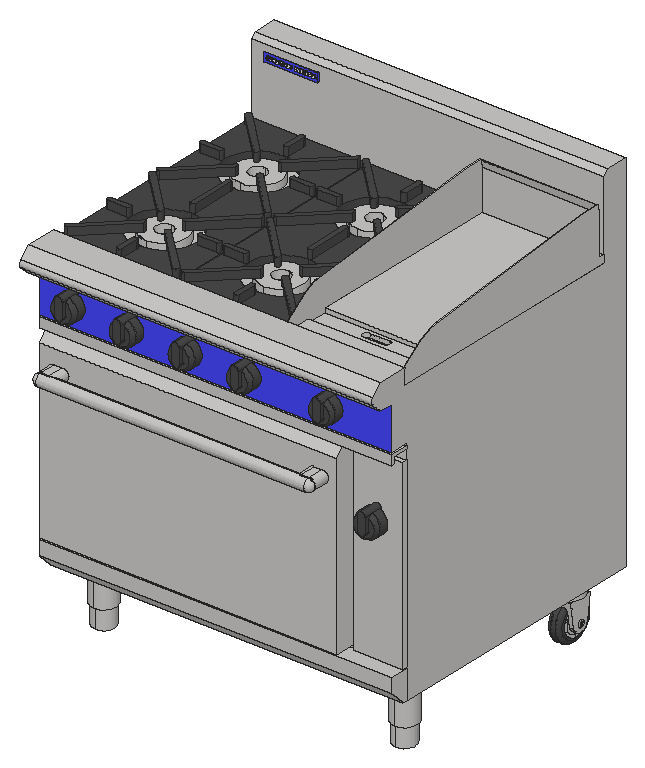
Revit family "QF_MOFFAT_BLUESEAL_CE_G56C", category Specialty Equipment, Revit 2012
Parameters
  Width = 900 mm  # constant formula
  Weight in Pounds = 467
  Watts = 130 W
  Volts = 230 V
  URL Cutsheet = "www.moffat.com"
  URL = "www.moffat.com"
  Type Mark [instance] = ""
  Status [instance] = ""
  Specification by User [instance] = ""
  Specification by Manufacturer = ""
  Show Logo [instance] = yes
  Show Clearance [instance] = yes
  Show Casters [instance] = yes
  Serial Number = ""
  Seismic Rating = ""
  SMACNA No = ""
  Revision Code [instance] = ""
  Phase = 1
  Omniclass Number and Title = ""
  Number of Poles [instance] = 1
  NAFEM Spec ID Number = ""
  Model = "G56C"
  Min Ckt Ampacity = 0 A
  Mechanical Remarks = ""
  Mechanical Connection Type [instance] = ""
  Max Overcurrent Protection = 0 A
  Masterspec = ""
  Manufacturer = "MOFFAT BLUESEAL"
  Legs [instance] = not(Show Casters)  # no
  Item Number [instance] = ""
  Installed By [instance] = ""
  Identify Quantity as Lot [instance] = yes
  Height = 970 mm  # constant formula
  HP = ""
  Gas Size = 3/4"
  Gas RI Height [instance] = 0 mm
  Gas KW [instance] = 45
  Gas Input [instance] = 153546.0 Btu/h
  Gas Connection Height = 0 mm
  Furnished By [instance] = ""
  Foodservice Equipment Identifier [instance] = yes
  FL Amps = 0.6 A
  Electrical Remarks = ""
  Electric Connection Type = ""
  Elec Conn RI Height = 0 mm
  Elec Conn Connection Height = 0 mm
  Description = "900MM GAS RANGE WITH CONVECTION OVEN"
  Depth = 812 mm  # constant formula
  Cycle = 60 Hz
  Conn Plug = ""
  Conn Conduit = yes
  CSI MasterFormat = ""
  CSI Master Format = ""
  Body Finish = QF_Finishes_Stainless Steel
  Apparent Power = 0 VA
Reference planes
  plane 1 "BACK": y = 0
  plane 2: z = 0
  plane 3 "LEFT": x = 0
  plane 4 "RIGHT": x = 900
  plane 5 "FRONT": y = -812
  plane 6 "TOP": z = 970
  plane 7 "Center Y": x = 450
  plane 8 "Center X": y = -406
  plane 9: x = 280
  plane 10: y = -574.272
  plane 11: x = 60
  plane 12: y = -304.972
  plane 13: y = -364.972
  plane 14: x = 74
  plane 15: y = -812
  plane 16: x = 834.5
  plane 17: y = -32
  plane 18: z = 655
  plane 19: y = -100
  plane 20: z = 1085
  plane 21: y = -705
  plane 22: x = 65.8
  plane 23: x = 534.2
Forms (mm)
  Extrusion 1, solid, material "QF_Finishes_Stainless Steel" <- "Body Finish"
    sketch origin (0, 0, 0) x (0, 1, 0) y (0, 0, 1)
      loop
        line (0, 150) -> (0, 1085) -> (-57.5, 1085) -> (-70, 1072.5) -> (-70, 875) -> (-705, 875) -> (-705, 915) -> (-783.97, 915) -> (-808.476, 890.494)
        arc (-808.476, 890.494) -> (-811.994, 882) -> (-808.476, 873.506) r 12.013
        line (-808.476, 873.506) -> (-784.97, 850) -> (-749, 850) -> (-749, 740) -> (-699, 740) -> (-699, 150) -> (0, 150)
    from 0 to 900
  Extrusion 2, solid, material "QF_Finishes_Stainless Steel"
    sketch origin (0, 7, 0) x (0, 1, 0) y (0, 0, 1)
      loop
        line (-706, 700) -> (-732, 700) -> (-756, 676) -> (-756, 227.5) -> (-706, 227.5) -> (-706, 700)
    from 0 to 760
  Extrusion 3, solid, material "QF_Finishes_Stainless Steel"
    sketch origin (723.5, 7, 0) x (0, 1, 0) y (0, 0, 1)
      loop
        line (-706, 700) -> (-721, 700) -> (-721, 227.5) -> (-706, 227.5) -> (-706, 700)
    from 51.5 to 176.5
  Revolve 4, solid, material "QF_Finishes_Stainless Steel" <- "Body Finish"
    sketch origin (834.5, -696.126, 0) x (0, 1, 0) y (0, 0, -1)
      loop
        line (39.376, -150) -> (71.126, -150) -> (71.126, 0) -> (43.626, 0) -> (43.626, -50) -> (39.376, -50) -> (39.376, -150)
      axis (71.126, -150) -> (71.126, 0)
    angle from 0 to 360
  Revolve 5, solid, material "QF_Finishes_Stainless Steel" <- "Body Finish"
    sketch origin (65.5, -696.126, 0) x (0, 1, 0) y (0, 0, 1)
      loop
        line (39.376, 150) -> (39.376, 50) -> (43.626, 50) -> (43.626, 0) -> (71.126, 0) -> (71.126, 150) -> (39.376, 150)
      axis (71.126, 150) -> (71.126, 0)
    angle from 0 to 360
  Extrusion 6, solid, material "QF_Finishes_Stainless Steel"
    sketch origin (-64.5, 0, 325) x (1, 0, 0) y (0, 1, 0)
      loop
        circle (834.5, -32) r 10
    from 330 to 371
  Revolve 7, solid, material "QF_Finishes_Black"
    sketch origin (750, 45.874, -0.118) x (0, 1, 0) y (0, 0, 1)
      loop
        line (-827.874, 829.5) -> (-838.874, 823.651) -> (-838.874, 797) -> (-794.874, 797) -> (-794.874, 802) -> (-804.874, 802) -> (-804.874, 829.5) -> (-827.874, 829.5)
      axis (-838.874, 797) -> (-794.874, 797)
    angle from 0 to 360
  Revolve 8, solid, material "QF_Finishes_Black"
    sketch origin (90.649, 45.874, -0.118) x (0, 1, 0) y (0, 0, -1)
      loop
        line (-827.874, -829.5) -> (-804.874, -829.5) -> (-804.874, -802) -> (-794.874, -802) -> (-794.874, -797) -> (-838.874, -797) -> (-838.874, -823.651) -> (-827.874, -829.5)
      axis (-838.874, -797) -> (-794.874, -797)
    angle from 0 to 360
  Revolve 9, solid, material "QF_Finishes_Black"
    sketch origin (240.649, 45.874, -0.118) x (0, 1, 0) y (0, 0, -1)
      loop
        line (-827.874, -829.5) -> (-804.874, -829.5) -> (-804.874, -802) -> (-794.874, -802) -> (-794.874, -797) -> (-838.874, -797) -> (-838.874, -823.651) -> (-827.874, -829.5)
      axis (-838.874, -797) -> (-794.874, -797)
    angle from 0 to 360
  Revolve 10, solid, material "QF_Finishes_Black"
    sketch origin (390.625, 45.874, -0.118) x (0, 1, 0) y (0, 0, -1)
      loop
        line (-827.874, -829.5) -> (-804.874, -829.5) -> (-804.874, -802) -> (-794.874, -802) -> (-794.874, -797) -> (-838.874, -797) -> (-838.874, -823.651) -> (-827.874, -829.5)
      axis (-838.874, -797) -> (-794.874, -797)
    angle from 0 to 360
  Extrusion 11, solid, material "QF_Finishes_Black"
    sketch origin (238.456, 7, -0.118) x (-1, 0, 0) y (0, 0, -1)
      loop
        arc (158.3, -789) -> (148.3, -779) -> (138.3, -789) r 10
        line (138.3, -789) -> (138.3, -824)
        arc (138.3, -824) -> (148.3, -834) -> (158.3, -824) r 10
        line (158.3, -824) -> (158.3, -789)
    from 759 to 808
  Extrusion 12, solid, material "QF_Finishes_Black"
    sketch origin (388.456, 7, -0.118) x (-1, 0, 0) y (0, 0, -1)
      loop
        arc (158.3, -789) -> (148.3, -779) -> (138.3, -789) r 10
        line (138.3, -789) -> (138.3, -824)
        arc (138.3, -824) -> (148.3, -834) -> (158.3, -824) r 10
        line (158.3, -824) -> (158.3, -789)
    from 759 to 808
  Extrusion 13, solid, material "QF_Finishes_Black"
    sketch origin (602.193, 7, -0.118) x (1, 0, 0) y (0, 0, 1)
      loop
        line (158.3, 789) -> (158.3, 824)
        arc (158.3, 824) -> (148.3, 834) -> (138.3, 824) r 10
        line (138.3, 824) -> (138.3, 789)
        arc (138.3, 789) -> (148.3, 779) -> (158.3, 789) r 10
    from 759 to 808
  Extrusion 14, solid, material "QF_Finishes_Black"
    sketch origin (538.432, 7, -0.118) x (-1, 0, 0) y (0, 0, -1)
      loop
        arc (158.3, -789) -> (148.3, -779) -> (138.3, -789) r 10
        line (138.3, -789) -> (138.3, -824)
        arc (138.3, -824) -> (148.3, -834) -> (158.3, -824) r 10
        line (158.3, -824) -> (158.3, -789)
    from 759 to 808
  Extrusion 15, solid, material "QF_Finishes_Black"
    sketch origin (688.432, 7, -0.118) x (-1, 0, 0) y (0, 0, -1)
      loop
        arc (158.3, -789) -> (148.3, -779) -> (138.3, -789) r 10
        line (138.3, -789) -> (138.3, -824)
        arc (138.3, -824) -> (148.3, -834) -> (158.3, -824) r 10
        line (158.3, -824) -> (158.3, -789)
    from 759 to 808
  Revolve 16, solid, material "QF_Finishes_Black"
    sketch origin (836.851, 80.874, -245.743) x (0, 1, 0) y (0, 0, 1)
      loop
        line (-827.874, 829.5) -> (-838.874, 823.651) -> (-838.874, 797) -> (-794.874, 797) -> (-794.874, 802) -> (-804.874, 802) -> (-804.874, 829.5) -> (-827.874, 829.5)
      axis (-838.874, 797) -> (-794.874, 797)
    angle from 0 to 360
  Extrusion 17, solid, material "QF_Finishes_Black"
    sketch origin (689.044, 42, -245.743) x (1, 0, 0) y (0, 0, 1)
      loop
        line (158.3, 789) -> (158.3, 824)
        arc (158.3, 824) -> (148.3, 834) -> (138.3, 824) r 10
        line (138.3, 824) -> (138.3, 789)
        arc (138.3, 789) -> (148.3, 779) -> (158.3, 789) r 10
    from 759 to 808
  Extrusion 18, solid, material "QF_Door-Drawer Clearances", visible <- "Show Clearance", detail levels coarse
    sketch origin (0, 7, 0) x (0, -1, 0) y (0, 0, 1)
      loop
        line (756, 697.347) -> (756, 227.5) -> (1225.847, 227.5)
        arc (1225.847, 227.5) -> (1088.232, 559.732) -> (756, 697.347) r 469.847
    from 0 to -760
  Extrusion 19, void
    sketch origin (0, 0, 220) x (1, 0, 0) y (0, 1, 0)
      loop
        line (824, -87) -> (824, 0) -> (694, 0) -> (694, -39) -> (744, -87) -> (824, -87)
    from 0 to 476
  Revolve 20, solid, material "QF_Finishes_Black"
    sketch origin (540.625, 45.874, -0.118) x (0, 1, 0) y (0, 0, -1)
      loop
        line (-827.874, -829.5) -> (-804.874, -829.5) -> (-804.874, -802) -> (-794.874, -802) -> (-794.874, -797) -> (-838.874, -797) -> (-838.874, -823.651) -> (-827.874, -829.5)
      axis (-838.874, -797) -> (-794.874, -797)
    angle from 0 to 360
  Extrusion 21, solid, material "QF_Finishes_Stainless Steel"
    sketch origin (0, -749, 227.5) x (0, 0, 1) y (-1, 0, 0)
      loop
        line (380.625, -38.246) -> (380.625, -58.528)
        arc (380.625, -58.528) -> (395.625, -73.528) -> (410.625, -58.528) r 15
        line (410.625, -58.528) -> (410.625, -38.246)
        arc (410.625, -38.246) -> (395.625, -23.246) -> (380.625, -38.246) r 15
      loop
        arc (380.625, -723.039) -> (395.625, -738.039) -> (410.625, -723.039) r 15
        line (410.625, -723.039) -> (410.625, -702.757)
        arc (410.625, -702.757) -> (395.625, -687.757) -> (380.625, -702.757) r 15
        line (380.625, -702.757) -> (380.625, -723.039)
    from 0 to 44
  Revolve 22, solid, material "QF_Finishes_Stainless Steel"
    sketch origin (0, -793, 0) x (1, 0, 0) y (0, 0, 1)
      loop
        arc (738.039, 623.125) -> (733.646, 633.732) -> (723.039, 638.125) r 15
        line (723.039, 638.125) -> (38.246, 638.125)
        arc (38.246, 638.125) -> (27.64, 633.732) -> (23.246, 623.125) r 15
        line (23.246, 623.125) -> (738.039, 623.125)
      axis (738.039, 623.125) -> (23.246, 623.125)
    angle from 0 to 360
  Extrusion 23, solid, material "QF_Finishes_Stainless Steel" <- "Body Finish"
    sketch origin (0, 7, 0) x (0, 1, 0) y (0, 0, 1)
      loop
        line (-756, 710) -> (-747.224, 710) -> (-749.613, 726.999) -> (-707.93, 726.999) -> (-707.93, 734.003) -> (-756, 734.003) -> (-756, 710)
    from 0 to 900
  Extrusion 24, solid, material "QF_Finishes_Stainless Steel" <- "Body Finish"
    sketch origin (0, 4.73, 0) x (0, 1, 0) y (0, 0, 1)
      loop
        line (-753.73, 222.5) -> (-753.73, 186) -> (-717.73, 150) -> (-703.73, 150) -> (-703.73, 222.5) -> (-753.73, 222.5)
    from 0 to 900
  Extrusion 25, solid, material "QF_Finishes_Stainless Steel", visible <- "Show Casters"
    sketch origin (71.501, 133.353, -8.783) x (0, 1, 0) y (0, 0, 1)
      loop
        line (-201.603, 118.783) -> (-265.103, 118.783) -> (-252.746, 53.895)
        arc (-252.746, 53.895) -> (-233.353, 38.783) -> (-213.959, 53.895) r 20
        line (-213.959, 53.895) -> (-201.603, 118.783)
    from -35.667 to 22.923
  Revolve 26, solid, material "QF_Finishes_Stainless Steel", visible <- "Show Casters"
    sketch origin (65, -203, 0) x (0, 1, 0) y (0, 0, 1)
      loop
        line (67.25, 150) -> (67.25, 110) -> (103, 110) -> (103, 150) -> (67.25, 150)
      axis (103, 150) -> (103, 110)
    angle from 0 to 360
  Revolve 27, solid, material "QF_Finishes_Stainless Steel", visible <- "Show Casters"
    sketch origin (834.5, -203, 0) x (0, 1, 0) y (0, 0, -1)
      loop
        line (67.25, -150) -> (103, -150) -> (103, -110) -> (67.25, -110) -> (67.25, -150)
      axis (103, -150) -> (103, -110)
    angle from 0 to 360
  Revolve 28, solid, material "QF_Finishes_Stainless Steel", visible <- "Show Casters"
    sketch origin (785.276, -99.755, -13.653) x (1, 0, 0) y (0, 0, 1)
      loop
        line (14.841, 64.453) -> (83.584, 64.453) -> (83.584, 67.958) -> (82.314, 69.228) -> (80.79, 69.228) -> (80.79, 72.674) -> (68.644, 72.674) -> (68.644, 82.639) -> (65.088, 84.692) -> (63.738, 93.028) -> (65.881, 93.028) -> (65.881, 99.378) -> (65.088, 99.378) -> (65.088, 105.728)
        arc (65.088, 105.728) -> (62.298, 112.463) -> (55.563, 115.253) r 9.525
        line (55.563, 115.253) -> (42.863, 115.253)
        arc (42.863, 115.253) -> (36.127, 112.463) -> (33.338, 105.728) r 9.525
        line (33.338, 105.728) -> (33.338, 99.378) -> (32.544, 99.378) -> (32.544, 93.028) -> (34.687, 93.028) -> (33.352, 84.781) -> (29.782, 82.719) -> (29.782, 72.674) -> (17.635, 72.674) -> (17.635, 69.228) -> (16.111, 69.228) -> (14.841, 67.958) -> (14.841, 64.453)
      axis (14.841, 64.453) -> (83.584, 64.453)
    angle from 0 to 360
  Extrusion 29, solid, material "QF_Finishes_Stainless Steel", visible <- "Show Casters"
    sketch origin (841.001, 133.353, -8.783) x (0, 1, 0) y (0, 0, 1)
      loop
        line (-201.603, 118.783) -> (-265.103, 118.783) -> (-252.746, 53.895)
        arc (-252.746, 53.895) -> (-233.353, 38.783) -> (-213.959, 53.895) r 20
        line (-213.959, 53.895) -> (-201.603, 118.783)
    from -35.667 to 22.923
  Revolve 30, solid, material "QF_Finishes_Stainless Steel", visible <- "Legs"
    sketch origin (65, -165, 0) x (0, 1, 0) y (0, 0, 1)
      loop
        line (33.25, 150) -> (33.25, 50) -> (37.5, 50) -> (37.5, 0) -> (65, 0) -> (65, 150) -> (33.25, 150)
      axis (65, 150) -> (65, 0)
    angle from 0 to 360
  Revolve 31, solid, material "QF_Finishes_Stainless Steel", visible <- "Legs"
    sketch origin (834.5, -165, 0) x (0, 1, 0) y (0, 0, -1)
      loop
        line (33.25, -150) -> (65, -150) -> (65, 0) -> (37.5, 0) -> (37.5, -50) -> (33.25, -50) -> (33.25, -150)
      axis (65, -150) -> (65, 0)
    angle from 0 to 360
  Revolve 32, solid, material "QF_Finishes_Stainless Steel", visible <- "Show Casters"
    sketch origin (114.224, -99.755, -13.653) x (-1, 0, 0) y (0, 0, -1)
      loop
        line (14.841, -64.453) -> (14.841, -67.958) -> (16.111, -69.228) -> (17.635, -69.228) -> (17.635, -72.674) -> (29.782, -72.674) -> (29.782, -82.719) -> (33.352, -84.781) -> (34.687, -93.028) -> (32.544, -93.028) -> (32.544, -99.378) -> (33.338, -99.378) -> (33.338, -105.728)
        arc (33.338, -105.728) -> (36.127, -112.463) -> (42.863, -115.253) r 9.525
        line (42.863, -115.253) -> (55.563, -115.253)
        arc (55.563, -115.253) -> (62.298, -112.463) -> (65.088, -105.728) r 9.525
        line (65.088, -105.728) -> (65.088, -99.378) -> (65.881, -99.378) -> (65.881, -93.028) -> (63.738, -93.028) -> (65.088, -84.692) -> (68.644, -82.639) -> (68.644, -72.674) -> (80.79, -72.674) -> (80.79, -69.228) -> (82.314, -69.228) -> (83.584, -67.958) -> (83.584, -64.453) -> (14.841, -64.453)
      axis (14.841, -64.453) -> (83.584, -64.453)
    angle from 0 to 360
  Extrusion 33, solid, material "QF_Finishes_Black"
    sketch origin (0, -70, 875) x (0, -1, 0) y (1, 0, 0)
      loop
        arc (1, 4) -> (1.879, 1.879) -> (4, 1) r 3
        line (4, 1) -> (632, 1)
        arc (632, 1) -> (634.121, 1.879) -> (635, 4) r 3
        line (635, 4) -> (635, 297)
        arc (635, 297) -> (634.121, 299.121) -> (632, 300) r 3
        line (632, 300) -> (4, 300)
        arc (4, 300) -> (1.879, 299.121) -> (1, 297) r 3
        line (1, 297) -> (1, 4)
      loop
        circle (167.5, 150) r 85
      loop
        circle (467.768, 150) r 85
    from 0 to 19.5
  Extrusion 34, solid, material "QF_Finishes_Black"
    sketch origin (0, -73.5, 894.5) x (0, -1, 0) y (1, 0, 0)
      loop
        spline (323.602, 15.153) -> (322.681, 13.924) -> (322.131, 12.47) -> (321.99, 10.89) -> (322.267, 9.292) -> (322.943, 7.786) -> (323.973, 6.473) -> (325.286, 5.443) -> (326.792, 4.767) -> (328.39, 4.49) -> (329.97, 4.631) -> (331.424, 5.181) -> (332.653, 6.102)
        line (332.653, 6.102) -> (440.576, 114.025)
        spline (440.576, 114.025) -> (441.337, 115.095) -> (441.738, 116.399) -> (441.751, 117.851) -> (441.375, 119.35) -> (440.637, 120.795) -> (439.586, 122.086) -> (438.295, 123.137) -> (436.85, 123.875) -> (435.351, 124.251) -> (433.899, 124.238) -> (432.595, 123.837) -> (431.525, 123.076)
        line (431.525, 123.076) -> (323.602, 15.153)
      loop
        spline (371.852, 143.6) -> (373.146, 143.818) -> (374.352, 144.457) -> (375.388, 145.475) -> (376.182, 146.8) -> (376.682, 148.344) -> (376.852, 150) -> (376.682, 151.656) -> (376.182, 153.2) -> (375.388, 154.525) -> (374.352, 155.543) -> (373.146, 156.182) -> (371.852, 156.4)
        line (371.852, 156.4) -> (259.398, 156.4)
        spline (259.398, 156.4) -> (258.104, 156.182) -> (256.898, 155.543) -> (255.862, 154.525) -> (255.068, 153.2) -> (254.568, 151.656) -> (254.398, 150) -> (254.568, 148.344) -> (255.068, 146.8) -> (255.862, 145.475) -> (256.898, 144.457) -> (258.104, 143.818) -> (259.398, 143.6)
        line (259.398, 143.6) -> (371.852, 143.6)
      loop
        line (311.398, 15.153) -> (203.475, 123.076)
        spline (203.475, 123.076) -> (202.405, 123.837) -> (201.101, 124.238) -> (199.649, 124.251) -> (198.15, 123.875) -> (196.705, 123.137) -> (195.414, 122.086) -> (194.363, 120.795) -> (193.625, 119.35) -> (193.249, 117.851) -> (193.262, 116.399) -> (193.663, 115.095) -> (194.424, 114.025)
        line (194.424, 114.025) -> (302.347, 6.102)
        spline (302.347, 6.102) -> (303.416, 5.341) -> (304.721, 4.941) -> (306.172, 4.928) -> (307.671, 5.303) -> (309.116, 6.041) -> (310.408, 7.092) -> (311.459, 8.384) -> (312.197, 9.829) -> (312.572, 11.328) -> (312.559, 12.779) -> (312.159, 14.084) -> (311.398, 15.153)
      loop
        line (323.602, 284.847) -> (431.525, 176.924)
        spline (431.525, 176.924) -> (432.595, 176.163) -> (433.899, 175.762) -> (435.351, 175.749) -> (436.85, 176.125) -> (438.295, 176.863) -> (439.586, 177.914) -> (440.637, 179.205) -> (441.375, 180.65) -> (441.751, 182.149) -> (441.738, 183.601) -> (441.337, 184.905) -> (440.576, 185.975)
        line (440.576, 185.975) -> (332.653, 293.898)
        spline (332.653, 293.898) -> (331.424, 294.819) -> (329.97, 295.369) -> (328.39, 295.51) -> (326.792, 295.233) -> (325.286, 294.557) -> (323.973, 293.527) -> (322.943, 292.214) -> (322.267, 290.708) -> (321.99, 289.11) -> (322.131, 287.53) -> (322.681, 286.076) -> (323.602, 284.847)
      loop
        spline (311.398, 284.847) -> (312.159, 285.916) -> (312.559, 287.221) -> (312.572, 288.672) -> (312.197, 290.171) -> (311.459, 291.616) -> (310.408, 292.908) -> (309.116, 293.959) -> (307.671, 294.697) -> (306.172, 295.072) -> (304.721, 295.059) -> (303.416, 294.659) -> (302.347, 293.898)
        line (302.347, 293.898) -> (194.424, 185.975)
        spline (194.424, 185.975) -> (193.663, 184.905) -> (193.262, 183.601) -> (193.249, 182.149) -> (193.625, 180.65) -> (194.363, 179.205) -> (195.414, 177.914) -> (196.705, 176.863) -> (198.15, 176.125) -> (199.649, 175.749) -> (201.101, 175.762) -> (202.405, 176.163) -> (203.475, 176.924)
        line (203.475, 176.924) -> (311.398, 284.847)
      loop
        spline (73.549, 143.6) -> (74.844, 143.818) -> (76.049, 144.457) -> (77.085, 145.475) -> (77.88, 146.8) -> (78.379, 148.344) -> (78.549, 150) -> (78.379, 151.656) -> (77.88, 153.2) -> (77.085, 154.525) -> (76.049, 155.543) -> (74.844, 156.182) -> (73.549, 156.4)
        line (73.549, 156.4) -> (25.093, 156.4)
        spline (25.093, 156.4) -> (23.799, 156.182) -> (22.593, 155.543) -> (21.558, 154.525) -> (20.763, 153.2) -> (20.264, 151.656) -> (20.093, 150) -> (20.264, 148.344) -> (20.763, 146.8) -> (21.558, 145.475) -> (22.593, 144.457) -> (23.799, 143.818) -> (25.093, 143.6)
        line (25.093, 143.6) -> (73.549, 143.6)
      loop
        spline (608.1, 143.6) -> (609.394, 143.818) -> (610.6, 144.457) -> (611.636, 145.475) -> (612.43, 146.8) -> (612.93, 148.344) -> (613.1, 150) -> (612.93, 151.656) -> (612.43, 153.2) -> (611.636, 154.525) -> (610.6, 155.543) -> (609.394, 156.182) -> (608.1, 156.4)
        line (608.1, 156.4) -> (558.644, 156.4)
        spline (558.644, 156.4) -> (557.35, 156.182) -> (556.144, 155.543) -> (555.108, 154.525) -> (554.314, 153.2) -> (553.814, 151.656) -> (553.644, 150) -> (553.814, 148.344) -> (554.314, 146.8) -> (555.108, 145.475) -> (556.144, 144.457) -> (557.35, 143.818) -> (558.644, 143.6)
        line (558.644, 143.6) -> (608.1, 143.6)
      loop
        spline (457.6, 10.156) -> (457.818, 8.862) -> (458.457, 7.656) -> (459.475, 6.62) -> (460.8, 5.826) -> (462.344, 5.326) -> (464, 5.156) -> (465.656, 5.326) -> (467.2, 5.826) -> (468.525, 6.62) -> (469.543, 7.656) -> (470.182, 8.862) -> (470.4, 10.156)
        line (470.4, 10.156) -> (470.4, 58.612)
        spline (470.4, 58.612) -> (470.182, 59.906) -> (469.543, 61.112) -> (468.525, 62.148) -> (467.2, 62.942) -> (465.656, 63.442) -> (464, 63.612) -> (462.344, 63.442) -> (460.8, 62.942) -> (459.475, 62.148) -> (458.457, 61.112) -> (457.818, 59.906) -> (457.6, 58.612)
        line (457.6, 58.612) -> (457.6, 10.156)
      loop
        spline (160.966, 10.156) -> (161.184, 8.862) -> (161.823, 7.656) -> (162.841, 6.62) -> (164.166, 5.826) -> (165.71, 5.326) -> (167.366, 5.156) -> (169.022, 5.326) -> (170.566, 5.826) -> (171.892, 6.62) -> (172.909, 7.656) -> (173.548, 8.862) -> (173.766, 10.156)
        line (173.766, 10.156) -> (173.766, 58.612)
        spline (173.766, 58.612) -> (173.548, 59.906) -> (172.909, 61.112) -> (171.892, 62.148) -> (170.566, 62.942) -> (169.022, 63.442) -> (167.366, 63.612) -> (165.71, 63.442) -> (164.166, 62.942) -> (162.841, 62.148) -> (161.823, 61.112) -> (161.184, 59.906) -> (160.966, 58.612)
        line (160.966, 58.612) -> (160.966, 10.156)
      loop
        spline (457.6, 241.636) -> (457.818, 240.342) -> (458.457, 239.136) -> (459.475, 238.1) -> (460.8, 237.306) -> (462.344, 236.806) -> (464, 236.636) -> (465.656, 236.806) -> (467.2, 237.306) -> (468.525, 238.1) -> (469.543, 239.136) -> (470.182, 240.342) -> (470.4, 241.636)
        line (470.4, 241.636) -> (470.4, 290.092)
        spline (470.4, 290.092) -> (470.182, 291.386) -> (469.543, 292.592) -> (468.525, 293.628) -> (467.2, 294.422) -> (465.656, 294.922) -> (464, 295.092) -> (462.344, 294.922) -> (460.8, 294.422) -> (459.475, 293.628) -> (458.457, 292.592) -> (457.818, 291.386) -> (457.6, 290.092)
        line (457.6, 290.092) -> (457.6, 241.636)
      loop
        spline (160.966, 241.636) -> (161.184, 240.342) -> (161.823, 239.136) -> (162.841, 238.1) -> (164.166, 237.306) -> (165.71, 236.806) -> (167.366, 236.636) -> (169.022, 236.806) -> (170.566, 237.306) -> (171.892, 238.1) -> (172.909, 239.136) -> (173.548, 240.342) -> (173.766, 241.636)
        line (173.766, 241.636) -> (173.766, 290.092)
        spline (173.766, 290.092) -> (173.548, 291.386) -> (172.909, 292.592) -> (171.892, 293.628) -> (170.566, 294.422) -> (169.022, 294.922) -> (167.366, 295.092) -> (165.71, 294.922) -> (164.166, 294.422) -> (162.841, 293.628) -> (161.823, 292.592) -> (161.184, 291.386) -> (160.966, 290.092)
        line (160.966, 290.092) -> (160.966, 241.636)
      loop
        line (604.398, 15.153) -> (496.475, 123.076)
        spline (496.475, 123.076) -> (495.405, 123.837) -> (494.101, 124.238) -> (492.649, 124.251) -> (491.15, 123.875) -> (489.705, 123.137) -> (488.414, 122.086) -> (487.363, 120.795) -> (486.625, 119.35) -> (486.249, 117.851) -> (486.262, 116.399) -> (486.663, 115.095) -> (487.424, 114.025)
        line (487.424, 114.025) -> (595.347, 6.102)
        spline (595.347, 6.102) -> (596.576, 5.181) -> (598.03, 4.631) -> (599.61, 4.49) -> (601.208, 4.767) -> (602.714, 5.443) -> (604.027, 6.473) -> (605.057, 7.786) -> (605.733, 9.292) -> (606.01, 10.89) -> (605.869, 12.47) -> (605.319, 13.924) -> (604.398, 15.153)
      loop
        spline (604.398, 284.847) -> (605.319, 286.076) -> (605.869, 287.53) -> (606.01, 289.11) -> (605.733, 290.708) -> (605.057, 292.214) -> (604.027, 293.527) -> (602.714, 294.557) -> (601.208, 295.233) -> (599.61, 295.51) -> (598.03, 295.369) -> (596.576, 294.819) -> (595.347, 293.898)
        line (595.347, 293.898) -> (487.424, 185.975)
        spline (487.424, 185.975) -> (486.663, 184.905) -> (486.262, 183.601) -> (486.249, 182.149) -> (486.625, 180.65) -> (487.363, 179.205) -> (488.414, 177.914) -> (489.705, 176.863) -> (491.15, 176.125) -> (492.649, 175.749) -> (494.101, 175.762) -> (495.405, 176.163) -> (496.475, 176.924)
        line (496.475, 176.924) -> (604.398, 284.847)
      loop
        spline (16.602, 15.153) -> (15.841, 14.084) -> (15.441, 12.779) -> (15.428, 11.328) -> (15.803, 9.829) -> (16.541, 8.384) -> (17.592, 7.092) -> (18.884, 6.041) -> (20.329, 5.303) -> (21.828, 4.928) -> (23.279, 4.941) -> (24.584, 5.341) -> (25.653, 6.102)
        line (25.653, 6.102) -> (133.576, 114.025)
        spline (133.576, 114.025) -> (134.337, 115.095) -> (134.738, 116.399) -> (134.751, 117.851) -> (134.375, 119.35) -> (133.637, 120.795) -> (132.586, 122.086) -> (131.295, 123.137) -> (129.85, 123.875) -> (128.351, 124.251) -> (126.899, 124.238) -> (125.595, 123.837) -> (124.525, 123.076)
        line (124.525, 123.076) -> (16.602, 15.153)
      loop
        line (16.602, 284.847) -> (124.525, 176.924)
        spline (124.525, 176.924) -> (125.595, 176.163) -> (126.899, 175.762) -> (128.351, 175.749) -> (129.85, 176.125) -> (131.295, 176.863) -> (132.586, 177.914) -> (133.637, 179.205) -> (134.375, 180.65) -> (134.751, 182.149) -> (134.738, 183.601) -> (134.337, 184.905) -> (133.576, 185.975)
        line (133.576, 185.975) -> (25.653, 293.898)
        spline (25.653, 293.898) -> (24.584, 294.659) -> (23.279, 295.059) -> (21.828, 295.072) -> (20.329, 294.697) -> (18.884, 293.959) -> (17.592, 292.908) -> (16.541, 291.616) -> (15.803, 290.171) -> (15.428, 288.672) -> (15.441, 287.221) -> (15.841, 285.916) -> (16.602, 284.847)
      loop
        line (323.602, 584.847) -> (431.525, 476.924)
        spline (431.525, 476.924) -> (432.595, 476.163) -> (433.899, 475.762) -> (435.351, 475.749) -> (436.85, 476.125) -> (438.295, 476.863) -> (439.586, 477.914) -> (440.637, 479.205) -> (441.375, 480.65) -> (441.751, 482.149) -> (441.738, 483.601) -> (441.337, 484.905) -> (440.576, 485.975)
        line (440.576, 485.975) -> (332.653, 593.898)
        spline (332.653, 593.898) -> (331.424, 594.819) -> (329.97, 595.369) -> (328.39, 595.51) -> (326.792, 595.233) -> (325.286, 594.557) -> (323.973, 593.527) -> (322.943, 592.214) -> (322.267, 590.708) -> (321.99, 589.11) -> (322.131, 587.53) -> (322.681, 586.076) -> (323.602, 584.847)
      loop
        line (371.852, 456.4) -> (259.398, 456.4)
        spline (259.398, 456.4) -> (258.104, 456.182) -> (256.898, 455.543) -> (255.862, 454.525) -> (255.068, 453.2) -> (254.568, 451.656) -> (254.398, 450) -> (254.568, 448.344) -> (255.068, 446.8) -> (255.862, 445.475) -> (256.898, 444.457) -> (258.104, 443.818) -> (259.398, 443.6)
        line (259.398, 443.6) -> (371.852, 443.6)
        spline (371.852, 443.6) -> (373.146, 443.818) -> (374.352, 444.457) -> (375.388, 445.475) -> (376.182, 446.8) -> (376.682, 448.344) -> (376.852, 450) -> (376.682, 451.656) -> (376.182, 453.2) -> (375.388, 454.525) -> (374.352, 455.543) -> (373.146, 456.182) -> (371.852, 456.4)
      loop
        spline (311.398, 584.847) -> (312.159, 585.916) -> (312.559, 587.221) -> (312.572, 588.672) -> (312.197, 590.171) -> (311.459, 591.616) -> (310.408, 592.908) -> (309.116, 593.959) -> (307.671, 594.697) -> (306.172, 595.072) -> (304.721, 595.059) -> (303.416, 594.659) -> (302.347, 593.898)
        line (302.347, 593.898) -> (194.424, 485.975)
        spline (194.424, 485.975) -> (193.663, 484.905) -> (193.262, 483.601) -> (193.249, 482.149) -> (193.625, 480.65) -> (194.363, 479.205) -> (195.414, 477.914) -> (196.705, 476.863) -> (198.15, 476.125) -> (199.649, 475.749) -> (201.101, 475.762) -> (202.405, 476.163) -> (203.475, 476.924)
        line (203.475, 476.924) -> (311.398, 584.847)
      loop
        spline (323.602, 315.153) -> (322.681, 313.924) -> (322.131, 312.47) -> (321.99, 310.89) -> (322.267, 309.292) -> (322.943, 307.786) -> (323.973, 306.473) -> (325.286, 305.443) -> (326.792, 304.767) -> (328.39, 304.49) -> (329.97, 304.631) -> (331.424, 305.181) -> (332.653, 306.102)
        line (332.653, 306.102) -> (440.576, 414.025)
        spline (440.576, 414.025) -> (441.337, 415.095) -> (441.738, 416.399) -> (441.751, 417.851) -> (441.375, 419.35) -> (440.637, 420.795) -> (439.586, 422.086) -> (438.295, 423.137) -> (436.85, 423.875) -> (435.351, 424.251) -> (433.899, 424.238) -> (432.595, 423.837) -> (431.525, 423.076)
        line (431.525, 423.076) -> (323.602, 315.153)
      loop
        line (311.398, 315.153) -> (203.475, 423.076)
        spline (203.475, 423.076) -> (202.405, 423.837) -> (201.101, 424.238) -> (199.649, 424.251) -> (198.15, 423.875) -> (196.705, 423.137) -> (195.414, 422.086) -> (194.363, 420.795) -> (193.625, 419.35) -> (193.249, 417.851) -> (193.262, 416.399) -> (193.663, 415.095) -> (194.424, 414.025)
        line (194.424, 414.025) -> (302.347, 306.102)
        spline (302.347, 306.102) -> (303.416, 305.341) -> (304.721, 304.941) -> (306.172, 304.928) -> (307.671, 305.303) -> (309.116, 306.041) -> (310.408, 307.092) -> (311.459, 308.384) -> (312.197, 309.829) -> (312.572, 311.328) -> (312.559, 312.779) -> (312.159, 314.084) -> (311.398, 315.153)
      loop
        line (73.549, 456.4) -> (25.093, 456.4)
        spline (25.093, 456.4) -> (23.799, 456.182) -> (22.593, 455.543) -> (21.558, 454.525) -> (20.763, 453.2) -> (20.264, 451.656) -> (20.093, 450) -> (20.264, 448.344) -> (20.763, 446.8) -> (21.558, 445.475) -> (22.593, 444.457) -> (23.799, 443.818) -> (25.093, 443.6)
        line (25.093, 443.6) -> (73.549, 443.6)
        spline (73.549, 443.6) -> (74.844, 443.818) -> (76.049, 444.457) -> (77.085, 445.475) -> (77.88, 446.8) -> (78.379, 448.344) -> (78.549, 450) -> (78.379, 451.656) -> (77.88, 453.2) -> (77.085, 454.525) -> (76.049, 455.543) -> (74.844, 456.182) -> (73.549, 456.4)
      loop
        line (608.1, 456.4) -> (558.644, 456.4)
        spline (558.644, 456.4) -> (557.35, 456.182) -> (556.144, 455.543) -> (555.108, 454.525) -> (554.314, 453.2) -> (553.814, 451.656) -> (553.644, 450) -> (553.814, 448.344) -> (554.314, 446.8) -> (555.108, 445.475) -> (556.144, 444.457) -> (557.35, 443.818) -> (558.644, 443.6)
        line (558.644, 443.6) -> (608.1, 443.6)
        spline (608.1, 443.6) -> (609.394, 443.818) -> (610.6, 444.457) -> (611.636, 445.475) -> (612.43, 446.8) -> (612.93, 448.344) -> (613.1, 450) -> (612.93, 451.656) -> (612.43, 453.2) -> (611.636, 454.525) -> (610.6, 455.543) -> (609.394, 456.182) -> (608.1, 456.4)
      loop
        line (457.6, 589.844) -> (457.6, 541.388)
        spline (457.6, 541.388) -> (457.818, 540.094) -> (458.457, 538.888) -> (459.475, 537.852) -> (460.8, 537.058) -> (462.344, 536.558) -> (464, 536.388) -> (465.656, 536.558) -> (467.2, 537.058) -> (468.525, 537.852) -> (469.543, 538.888) -> (470.182, 540.094) -> (470.4, 541.388)
        line (470.4, 541.388) -> (470.4, 589.844)
        spline (470.4, 589.844) -> (470.182, 591.138) -> (469.543, 592.344) -> (468.525, 593.38) -> (467.2, 594.174) -> (465.656, 594.674) -> (464, 594.844) -> (462.344, 594.674) -> (460.8, 594.174) -> (459.475, 593.38) -> (458.457, 592.344) -> (457.818, 591.138) -> (457.6, 589.844)
      loop
        line (160.966, 589.844) -> (160.966, 541.388)
        spline (160.966, 541.388) -> (161.184, 540.094) -> (161.823, 538.888) -> (162.841, 537.852) -> (164.166, 537.058) -> (165.71, 536.558) -> (167.366, 536.388) -> (169.022, 536.558) -> (170.566, 537.058) -> (171.892, 537.852) -> (172.909, 538.888) -> (173.548, 540.094) -> (173.766, 541.388)
        line (173.766, 541.388) -> (173.766, 589.844)
        spline (173.766, 589.844) -> (173.548, 591.138) -> (172.909, 592.344) -> (171.892, 593.38) -> (170.566, 594.174) -> (169.022, 594.674) -> (167.366, 594.844) -> (165.71, 594.674) -> (164.166, 594.174) -> (162.841, 593.38) -> (161.823, 592.344) -> (161.184, 591.138) -> (160.966, 589.844)
      loop
        line (457.6, 358.364) -> (457.6, 309.908)
        spline (457.6, 309.908) -> (457.818, 308.614) -> (458.457, 307.408) -> (459.475, 306.372) -> (460.8, 305.578) -> (462.344, 305.078) -> (464, 304.908) -> (465.656, 305.078) -> (467.2, 305.578) -> (468.525, 306.372) -> (469.543, 307.408) -> (470.182, 308.614) -> (470.4, 309.908)
        line (470.4, 309.908) -> (470.4, 358.364)
        spline (470.4, 358.364) -> (470.182, 359.658) -> (469.543, 360.864) -> (468.525, 361.9) -> (467.2, 362.694) -> (465.656, 363.194) -> (464, 363.364) -> (462.344, 363.194) -> (460.8, 362.694) -> (459.475, 361.9) -> (458.457, 360.864) -> (457.818, 359.658) -> (457.6, 358.364)
      loop
        line (160.966, 358.364) -> (160.966, 309.908)
        spline (160.966, 309.908) -> (161.184, 308.614) -> (161.823, 307.408) -> (162.841, 306.372) -> (164.166, 305.578) -> (165.71, 305.078) -> (167.366, 304.908) -> (169.022, 305.078) -> (170.566, 305.578) -> (171.892, 306.372) -> (172.909, 307.408) -> (173.548, 308.614) -> (173.766, 309.908)
        line (173.766, 309.908) -> (173.766, 358.364)
        spline (173.766, 358.364) -> (173.548, 359.658) -> (172.909, 360.864) -> (171.892, 361.9) -> (170.566, 362.694) -> (169.022, 363.194) -> (167.366, 363.364) -> (165.71, 363.194) -> (164.166, 362.694) -> (162.841, 361.9) -> (161.823, 360.864) -> (161.184, 359.658) -> (160.966, 358.364)
      loop
        spline (604.398, 584.847) -> (605.319, 586.076) -> (605.869, 587.53) -> (606.01, 589.11) -> (605.733, 590.708) -> (605.057, 592.214) -> (604.027, 593.527) -> (602.714, 594.557) -> (601.208, 595.233) -> (599.61, 595.51) -> (598.03, 595.369) -> (596.576, 594.819) -> (595.347, 593.898)
        line (595.347, 593.898) -> (487.424, 485.975)
        spline (487.424, 485.975) -> (486.663, 484.905) -> (486.262, 483.601) -> (486.249, 482.149) -> (486.625, 480.65) -> (487.363, 479.205) -> (488.414, 477.914) -> (489.705, 476.863) -> (491.15, 476.125) -> (492.649, 475.749) -> (494.101, 475.762) -> (495.405, 476.163) -> (496.475, 476.924)
        line (496.475, 476.924) -> (604.398, 584.847)
      loop
        line (604.398, 315.153) -> (496.475, 423.076)
        spline (496.475, 423.076) -> (495.405, 423.837) -> (494.101, 424.238) -> (492.649, 424.251) -> (491.15, 423.875) -> (489.705, 423.137) -> (488.414, 422.086) -> (487.363, 420.795) -> (486.625, 419.35) -> (486.249, 417.851) -> (486.262, 416.399) -> (486.663, 415.095) -> (487.424, 414.025)
        line (487.424, 414.025) -> (595.347, 306.102)
        spline (595.347, 306.102) -> (596.576, 305.181) -> (598.03, 304.631) -> (599.61, 304.49) -> (601.208, 304.767) -> (602.714, 305.443) -> (604.027, 306.473) -> (605.057, 307.786) -> (605.733, 309.292) -> (606.01, 310.89) -> (605.869, 312.47) -> (605.319, 313.924) -> (604.398, 315.153)
      loop
        line (16.602, 584.847) -> (124.525, 476.924)
        spline (124.525, 476.924) -> (125.595, 476.163) -> (126.899, 475.762) -> (128.351, 475.749) -> (129.85, 476.125) -> (131.295, 476.863) -> (132.586, 477.914) -> (133.637, 479.205) -> (134.375, 480.65) -> (134.751, 482.149) -> (134.738, 483.601) -> (134.337, 484.905) -> (133.576, 485.975)
        line (133.576, 485.975) -> (25.653, 593.898)
        spline (25.653, 593.898) -> (24.584, 594.659) -> (23.279, 595.059) -> (21.828, 595.072) -> (20.329, 594.697) -> (18.884, 593.959) -> (17.592, 592.908) -> (16.541, 591.616) -> (15.803, 590.171) -> (15.428, 588.672) -> (15.441, 587.221) -> (15.841, 585.916) -> (16.602, 584.847)
      loop
        spline (16.602, 315.153) -> (15.841, 314.084) -> (15.441, 312.779) -> (15.428, 311.328) -> (15.803, 309.829) -> (16.541, 308.384) -> (17.592, 307.092) -> (18.884, 306.041) -> (20.329, 305.303) -> (21.828, 304.928) -> (23.279, 304.941) -> (24.584, 305.341) -> (25.653, 306.102)
        line (25.653, 306.102) -> (133.576, 414.025)
        spline (133.576, 414.025) -> (134.337, 415.095) -> (134.738, 416.399) -> (134.751, 417.851) -> (134.375, 419.35) -> (133.637, 420.795) -> (132.586, 422.086) -> (131.295, 423.137) -> (129.85, 423.875) -> (128.351, 424.251) -> (126.899, 424.238) -> (125.595, 423.837) -> (124.525, 423.076)
        line (124.525, 423.076) -> (16.602, 315.153)
    from 0 to 20.5
  Extrusion 35, solid, material "QF_Finishes_Stainless Steel"
    sketch origin (0, -70, 875) x (0, -1, 0) y (1, 0, 0)
      loop
        circle (467.5, 150) r 57
      loop
        circle (167.5, 150) r 57
      loop
        circle (467.5, 150) r 22
      loop
        circle (167.5, 150) r 22
      loop
        circle (467.5, 450) r 57
      loop
        circle (167.5, 450) r 57
      loop
        circle (467.5, 450) r 22
      loop
        circle (167.5, 450) r 22
    from 0 to 19.5
  Extrusion 36, solid, material "QF_Finishes_Black"
    sketch origin (600, -70, 875) x (0, -1, 0) y (1, 0, 0)
      loop
        line (1, -3) -> (1, -297)
        arc (1, -297) -> (1.879, -299.121) -> (4, -300) r 3
        line (4, -300) -> (632, -300)
        arc (632, -300) -> (634.121, -299.121) -> (635, -297) r 3
        line (635, -297) -> (635, -3)
        arc (635, -3) -> (634.121, -0.879) -> (632, 0) r 3
        line (632, 0) -> (4, 0)
        arc (4, 0) -> (1.879, -0.879) -> (1, -3) r 3
      loop
        circle (167.5, -150) r 85
      loop
        circle (467.768, -150) r 85
    from 0 to 19.5
  Extrusion 37, solid, material "QF_Finishes_Stainless Steel"
    sketch origin (0, 0, 0) x (1, 0, 0) y (0, 1, 0)
      loop
        circle (826, -501) r 6.35
    from 150 to 147.817
Cuts and joins
  Extrusion 19 cuts Extrusion 1
Lines and regions (mm)
  Split face 1
    outline origin (900, 0, 1085) x (-1, 0, 0) y (0, -1, 0)
      loop
        arc (867.206, 18.385) -> (875.866, 23.385) -> (875.866, 33.385) r 10
        line (875.866, 33.385) -> (871.824, 40.385)
        arc (871.824, 40.385) -> (868.164, 44.045) -> (863.164, 45.385) r 10
        line (863.164, 45.385) -> (635.206, 45.385)
        arc (635.206, 45.385) -> (626.545, 40.385) -> (626.545, 30.385) r 10
        line (626.545, 30.385) -> (630.587, 23.385)
        arc (630.587, 23.385) -> (634.247, 19.725) -> (639.247, 18.385) r 10
        line (639.247, 18.385) -> (867.206, 18.385)
  Split face 2
    outline origin (900, 0, 1085) x (-1, 0, 0) y (0, -1, 0)
      loop
        arc (567.206, 18.385) -> (575.866, 23.385) -> (575.866, 33.385) r 10
        line (575.866, 33.385) -> (571.824, 40.385)
        arc (571.824, 40.385) -> (568.164, 44.045) -> (563.164, 45.385) r 10
        line (563.164, 45.385) -> (335.206, 45.385)
        arc (335.206, 45.385) -> (326.545, 40.385) -> (326.545, 30.385) r 10
        line (326.545, 30.385) -> (330.587, 23.385)
        arc (330.587, 23.385) -> (334.247, 19.725) -> (339.247, 18.385) r 10
        line (339.247, 18.385) -> (567.206, 18.385)
  Split face 3
    outline origin (900, 0, 1085) x (-1, 0, 0) y (0, -1, 0)
      loop
        arc (35.206, 45.385) -> (26.545, 40.385) -> (26.545, 30.385) r 10
        line (26.545, 30.385) -> (30.587, 23.385)
        arc (30.587, 23.385) -> (34.247, 19.725) -> (39.247, 18.385) r 10
        line (39.247, 18.385) -> (267.206, 18.385)
        arc (267.206, 18.385) -> (275.866, 23.385) -> (275.866, 33.385) r 10
        line (275.866, 33.385) -> (271.824, 40.385)
        arc (271.824, 40.385) -> (268.164, 44.045) -> (263.164, 45.385) r 10
        line (263.164, 45.385) -> (35.206, 45.385)
  symbolic lines
    curve 1: line (0, 0, 0) -> (0, -812, 0)
    curve 2: line (900, 0, 0) -> (0, 0, 0)
    curve 3: line (900, -812, 0) -> (900, 0, 0)
    curve 4: line (0, -70, 0) -> (900, -70, 0)
    curve 5: line (900, -812, 0) -> (0, -812, 0)
    curve 6: line (900, -705, 0) -> (0, -705, 0)
    curve 7: line (0, -701.7, 0) -> (900, -701.7, 0)
    curve 8: line (900, -72.734, 0) -> (0, -72.734, 0)
    curve 9: arc (22.65, -812, 0) -> (34.104, -822.278, 0) -> (48.889, -826.544, 0) r 34.455
    curve 10: line (48.889, -826.544, 0) -> (721.858, -826.544, 0)
    curve 11: arc (721.858, -826.544, 0) -> (736.403, -822.647, 0) -> (747.05, -812, 0) r 29.089
    curve 15: line (300, -72.734, 0) -> (300, -701.7, 0)
    curve 16: line (600, -72.734, 0) -> (600, -701.7, 0)
    curve 17: line (0, -391, 0) -> (601.417, -391, 0)
    curve 18: line (149.988, -331.778, 0) -> (149.988, -448.358, 0)
    curve 19: line (150.034, -681.268, 0) -> (150.034, -628.558, 0)
    curve 20: line (9.26, -537.634, 0) -> (59.26, -537.634, 0)
    curve 21: line (178.593, -512.407, 0) -> (291.73, -399.27, 0)
    curve 22: line (291.767, -537.634, 0) -> (240.041, -537.634, 0)
    curve 23: arc (150, -480.5, 150) -> (207, -537.5, 150) -> (150, -594.5, 150) r 57
    curve 24: arc (150, -594.5, 150) -> (93, -537.5, 150) -> (150, -480.5, 150) r 57
    curve 25: arc (150, -622.768, 150) -> (235, -537.768, 150) -> (150, -452.768, 150) r 85
    curve 26: arc (150, -452.768, 150) -> (65, -537.768, 150) -> (150, -622.768, 150) r 85
    curve 27: arc (150, -515.5, 150) -> (128, -537.5, 150) -> (150, -559.5, 150) r 22
    curve 28: arc (150, -559.5, 150) -> (172, -537.5, 150) -> (150, -515.5, 150) r 22
    curve 29: line (121.407, -512.407, 0) -> (8.27, -399.27, 0)
    curve 30: line (178.593, -562.593, 0) -> (291.73, -675.73, 0)
    curve 31: line (121.407, -562.593, 0) -> (8.27, -675.73, 0)
    curve 32: line (150.034, -96.281, 0) -> (150.034, -149.16, 0)
    curve 33: line (178.593, -269.593, 0) -> (291.73, -382.73, 0)
    curve 34: line (121.407, -269.593, 0) -> (8.27, -382.73, 0)
    curve 35: line (9.26, -241, 0) -> (59.26, -241, 0)
    curve 36: line (291.767, -241, 0) -> (240.041, -241, 0)
    curve 37: arc (150, -322.5, 150) -> (235, -237.5, 150) -> (150, -152.5, 150) r 85
    curve 38: arc (150, -152.5, 150) -> (65, -237.5, 150) -> (150, -322.5, 150) r 85
    curve 39: arc (150, -180.5, 150) -> (207, -237.5, 150) -> (150, -294.5, 150) r 57
    curve 40: arc (150, -294.5, 150) -> (93, -237.5, 150) -> (150, -180.5, 150) r 57
    curve 41: arc (150, -259.5, 150) -> (172, -237.5, 150) -> (150, -215.5, 150) r 22
    curve 42: arc (150, -215.5, 150) -> (128, -237.5, 150) -> (150, -259.5, 150) r 22
    curve 43: line (178.593, -205.407, 0) -> (291.73, -92.27, 0)
    curve 44: line (121.407, -205.407, 0) -> (8.27, -92.27, 0)
    curve 45: arc (450, -480.5, 150) -> (507, -537.5, 150) -> (450, -594.5, 150) r 57
    curve 46: arc (450, -594.5, 150) -> (393, -537.5, 150) -> (450, -480.5, 150) r 57
    curve 47: arc (450, -515.5, 150) -> (428, -537.5, 150) -> (450, -559.5, 150) r 22
    curve 48: arc (450, -559.5, 150) -> (472, -537.5, 150) -> (450, -515.5, 150) r 22
    curve 49: arc (450, -622.768, 150) -> (365, -537.768, 150) -> (450, -452.768, 150) r 85
    curve 50: arc (450, -452.768, 150) -> (535, -537.768, 150) -> (450, -622.768, 150) r 85
    curve 51: arc (450, -322.5, 150) -> (365, -237.5, 150) -> (450, -152.5, 150) r 85
    curve 52: arc (450, -152.5, 150) -> (535, -237.5, 150) -> (450, -322.5, 150) r 85
    curve 53: arc (450, -180.5, 150) -> (393, -237.5, 150) -> (450, -294.5, 150) r 57
    curve 54: arc (450, -294.5, 150) -> (507, -237.5, 150) -> (450, -180.5, 150) r 57
    curve 55: arc (450, -259.5, 150) -> (428, -237.5, 150) -> (450, -215.5, 150) r 22
    curve 56: arc (450, -215.5, 150) -> (472, -237.5, 150) -> (450, -259.5, 150) r 22
    curve 57: line (449.988, -331.778, 0) -> (449.988, -448.358, 0)
    curve 58: line (450.034, -681.268, 0) -> (450.034, -628.558, 0)
    curve 59: line (309.26, -537.634, 0) -> (359.26, -537.634, 0)
    curve 60: line (478.593, -512.407, 0) -> (591.73, -399.27, 0)
    curve 61: line (591.767, -537.634, 0) -> (540.041, -537.634, 0)
    curve 62: line (421.407, -512.407, 0) -> (308.27, -399.27, 0)
    curve 63: line (478.593, -562.593, 0) -> (591.73, -675.73, 0)
    curve 64: line (421.407, -562.593, 0) -> (308.27, -675.73, 0)
    curve 65: line (450.034, -96.281, 0) -> (450.034, -149.16, 0)
    curve 66: line (478.593, -269.593, 0) -> (591.73, -382.73, 0)
    curve 67: line (421.407, -269.593, 0) -> (308.27, -382.73, 0)
    curve 68: line (309.26, -241, 0) -> (359.26, -241, 0)
    curve 69: line (591.767, -241, 0) -> (540.041, -241, 0)
    curve 70: line (478.593, -205.407, 0) -> (591.73, -92.27, 0)
    curve 71: line (421.407, -205.407, 0) -> (308.27, -92.27, 0)
    curve 72: line (32.794, -18.385, 0) -> (260.753, -18.385, 0)
    curve 73: arc (260.753, -18.385, 0) -> (265.753, -19.725, 0) -> (269.413, -23.385, 0) r 10
    curve 74: line (269.413, -23.385, 0) -> (273.455, -30.385, 0)
    curve 75: arc (273.455, -30.385, 0) -> (273.455, -40.385, 0) -> (264.794, -45.385, 0) r 10
    curve 76: line (264.794, -45.385, 0) -> (36.836, -45.385, 0)
    curve 77: arc (36.836, -45.385, 0) -> (31.836, -44.045, 0) -> (28.176, -40.385, 0) r 10
    curve 78: line (28.176, -40.385, 0) -> (24.134, -33.385, 0)
    curve 79: arc (24.134, -33.385, 0) -> (24.134, -23.385, 0) -> (32.794, -18.385, 0) r 10
    curve 80: line (560.753, -18.385, 0) -> (332.794, -18.385, 0)
    curve 81: arc (332.794, -18.385, 0) -> (324.134, -23.385, 0) -> (324.134, -33.385, 0) r 10
    curve 82: line (324.134, -33.385, 0) -> (328.176, -40.385, 0)
    curve 83: arc (328.176, -40.385, 0) -> (331.836, -44.045, 0) -> (336.836, -45.385, 0) r 10
    curve 84: line (336.836, -45.385, 0) -> (564.794, -45.385, 0)
    curve 85: arc (564.794, -45.385, 0) -> (573.455, -40.385, 0) -> (573.455, -30.385, 0) r 10
    curve 86: line (573.455, -30.385, 0) -> (569.413, -23.385, 0)
    curve 87: arc (569.413, -23.385, 0) -> (565.753, -19.725, 0) -> (560.753, -18.385, 0) r 10
    curve 88: line (632.794, -18.385, 0) -> (860.753, -18.385, 0)
    curve 89: arc (860.753, -18.385, 0) -> (865.753, -19.725, 0) -> (869.413, -23.385, 0) r 10
    curve 90: line (869.413, -23.385, 0) -> (873.455, -30.385, 0)
    curve 91: arc (873.455, -30.385, 0) -> (873.455, -40.385, 0) -> (864.794, -45.385, 0) r 10
    curve 92: line (864.794, -45.385, 0) -> (636.836, -45.385, 0)
    curve 93: arc (636.836, -45.385, 0) -> (631.836, -44.045, 0) -> (628.176, -40.385, 0) r 10
    curve 94: line (628.176, -40.385, 0) -> (624.134, -33.385, 0)
    curve 95: arc (624.134, -33.385, 0) -> (624.134, -23.385, 0) -> (632.794, -18.385, 0) r 10
    curve 96: line (0, -57.5, 0) -> (900, -57.5, 0)
    curve 97: line (0, -783.97, 0) -> (900, -783.97, 0)
  symbolic lines, style "QF_Door-Drawer Clearances", visible <- "Show Clearance"
    curve 12: line (0, -1218.847, 0) -> (0, -812, 0)
    curve 13: line (0, -1218.847, 0) -> (760, -1218.847, 0)
    curve 14: line (760, -1218.847, 0) -> (760, -812, 0)
Dimensions and locks
  equal spacing: plane 3 "LEFT", plane 7 "Center Y", plane 4 "RIGHT"
  "Width": plane 3 "LEFT" to plane 4 "RIGHT"
  equal spacing: plane 5 "FRONT", plane 8 "Center X", plane 1 "BACK"
  plane 5 "FRONT" to plane 1 "BACK" = 812 mm  (x2)
  equal spacing: plane 4 "RIGHT", plane 7 "Center Y", plane 3 "LEFT"
  plane 4 "RIGHT" to plane 3 "LEFT" = 900 mm
  "Height": plane 6 "TOP" to level
  plane 10 to plane 1 "BACK" = 574.272 mm
  plane 12 to plane 1 "BACK" = 304.972 mm  (x2)
  plane 11 to plane 3 "LEFT" = 60 mm
  plane 14 to plane 3 "LEFT" = 74 mm
  plane 9 to plane 3 "LEFT" = 280 mm
  "Depth": plane 1 "BACK" to plane 15
  plane 15 to plane 5 "FRONT" = 0 mm
  plane 6 "TOP" to plane 2 = 970 mm
  plane 2 to Extrusion 1 sketch curve = 875 mm
  locked: plane 2 to Extrusion 1 sketch curve at 915
  Revolve 28 sketch curve to Revolve 28 sketch curve = 50.8 mm
  Revolve 32 sketch curve to Revolve 32 sketch curve = 50.8 mm
  plane 20 to level = 1085 mm
  Extrusion 33 sketch curve to plane 22 = 64.8 mm
  plane 23 to Extrusion 36 sketch curve = 65.8 mm
  Extrusion 37 sketch curve to plane 1 "BACK" = 501 mm
  Extrusion 37 sketch curve to plane 4 "RIGHT" = 74 mm
  aligned and locked: level to plane 2
  aligned and locked: curve 3 to plane 4 "RIGHT"
Automatic sketch dimensions
  Extrusion 1 sketch curve to plane 21 = 0 mm
  Extrusion 1 sketch curve to plane 20 = 0 mm
  Extrusion 1 sketch curve to plane 1 "BACK" = 0 mm
  plane 21 to Extrusion 1 sketch curve = 44 mm
  Extrusion 1 sketch curve to plane 5 "FRONT" = 28.03 mm
  Extrusion 1 sketch curve to plane 5 "FRONT" = 27.03 mm
  Extrusion 1 sketch curve to plane 5 "FRONT" = 12.018 mm
  Extrusion 1 sketch curve to plane 5 "FRONT" = 3.524 mm  (x2)
  Extrusion 1 sketch curve to plane 21 = 6 mm
  Extrusion 1 sketch curve to plane 20 = 12.5 mm
  plane 19 to Extrusion 1 sketch curve = 30 mm
  Extrusion 1 sketch curve to Extrusion 1 sketch curve = 12.5 mm
  Extrusion 1 sketch curve to Extrusion 1 sketch curve = 41.494 mm
  Extrusion 1 sketch curve to Extrusion 1 sketch curve = 25 mm
  plane 18 to Extrusion 1 sketch curve = 85 mm
  level to Extrusion 1 sketch curve = 150 mm
  Extrusion 1 sketch curve to Extrusion 1 sketch curve = 8.494 mm
  plane 21 to Extrusion 2 sketch curve = 20 mm
  Extrusion 2 sketch curve to plane 21 = 6 mm
  level to Extrusion 2 sketch curve = 227.5 mm
  plane 21 to Extrusion 3 sketch curve = 9 mm
  Extrusion 3 sketch curve to plane 21 = 6 mm
  level to Extrusion 3 sketch curve = 227.5 mm
  plane 18 to Extrusion 3 sketch curve = 45 mm
  Revolve 4 sketch curve to level = 0 mm
  Revolve 4 sketch curve to plane 21 = 48.25 mm
  Revolve 4 sketch curve to Revolve 4 sketch curve = 4.25 mm
  Revolve 4 sketch curve to Revolve 4 sketch curve = 27.5 mm  (x2)
  level to Revolve 4 sketch curve = 50 mm
  Revolve 4 sketch curve to Revolve 4 sketch curve = 0 mm
  Revolve 4 sketch curve to Revolve 4 sketch curve = 100 mm
  Revolve 4 sketch curve to Revolve 4 sketch curve = 55 mm
  Revolve 5 sketch curve to level = 0 mm
  Revolve 5 sketch curve to plane 21 = 48.25 mm
  Revolve 5 sketch curve to Revolve 5 sketch curve = 4.25 mm
  Revolve 5 sketch curve to Revolve 5 sketch curve = 27.5 mm  (x2)
  Revolve 5 sketch curve to level = 55 mm
  Revolve 5 sketch curve to Revolve 5 sketch curve = 50 mm
  Revolve 5 sketch curve to Revolve 5 sketch curve = 0 mm
  Revolve 5 sketch curve to Revolve 5 sketch curve = 100 mm
  Extrusion 6 sketch curve to plane 17 = 0 mm
  Extrusion 6 sketch curve to plane 16 = 64.5 mm
  Revolve 7 sketch curve to plane 5 "FRONT" = 19 mm
  Revolve 7 sketch curve to Revolve 7 sketch curve = 0 mm  (x2)
  Revolve 7 sketch curve to Revolve 7 sketch curve = 11 mm
  Revolve 7 sketch curve to Revolve 7 sketch curve = 12.7 mm
  Revolve 7 sketch curve to Revolve 7 sketch curve = 23 mm
  Revolve 7 sketch curve to Revolve 7 sketch curve = 10 mm
  plane 18 to Revolve 7 sketch curve = 141.882 mm
  Revolve 7 sketch curve to Revolve 7 sketch curve = 5 mm
  Revolve 7 sketch curve to Revolve 7 sketch curve = 26.651 mm
  Revolve 7 sketch curve to Revolve 7 sketch curve = 5.849 mm
  Revolve 8 sketch curve to plane 5 "FRONT" = 19 mm
  Revolve 8 sketch curve to Revolve 8 sketch curve = 0 mm  (x2)
  Revolve 8 sketch curve to Revolve 8 sketch curve = 11 mm
  Revolve 8 sketch curve to Revolve 8 sketch curve = 12.7 mm
  Revolve 8 sketch curve to Revolve 8 sketch curve = 23 mm
  Revolve 8 sketch curve to Revolve 8 sketch curve = 10 mm
  Revolve 8 sketch curve to plane 6 "TOP" = 140.618 mm
  Revolve 8 sketch curve to Revolve 8 sketch curve = 5.849 mm
  Revolve 8 sketch curve to Revolve 8 sketch curve = 27.5 mm
  Revolve 8 sketch curve to Revolve 8 sketch curve = 5 mm
  Revolve 9 sketch curve to plane 5 "FRONT" = 19 mm
  Revolve 9 sketch curve to Revolve 9 sketch curve = 0 mm  (x2)
  Revolve 9 sketch curve to Revolve 9 sketch curve = 11 mm
  Revolve 9 sketch curve to Revolve 9 sketch curve = 12.7 mm
  Revolve 9 sketch curve to Revolve 9 sketch curve = 23 mm
  Revolve 9 sketch curve to Revolve 9 sketch curve = 10 mm
  Revolve 9 sketch curve to plane 6 "TOP" = 140.618 mm
  Revolve 9 sketch curve to Revolve 9 sketch curve = 5.849 mm
  Revolve 9 sketch curve to Revolve 9 sketch curve = 27.5 mm
  Revolve 9 sketch curve to Revolve 9 sketch curve = 5 mm
  Revolve 10 sketch curve to plane 5 "FRONT" = 19 mm
  Revolve 10 sketch curve to Revolve 10 sketch curve = 0 mm  (x2)
  Revolve 10 sketch curve to Revolve 10 sketch curve = 11 mm
  Revolve 10 sketch curve to Revolve 10 sketch curve = 12.7 mm
  Revolve 10 sketch curve to Revolve 10 sketch curve = 23 mm
  Revolve 10 sketch curve to Revolve 10 sketch curve = 10 mm
  Revolve 10 sketch curve to plane 6 "TOP" = 140.618 mm
  Revolve 10 sketch curve to Revolve 10 sketch curve = 5.849 mm
  Revolve 10 sketch curve to Revolve 10 sketch curve = 27.5 mm
  Revolve 10 sketch curve to Revolve 10 sketch curve = 5 mm
  plane 14 to Extrusion 11 sketch curve = 26.156 mm
  Extrusion 11 sketch curve to Extrusion 11 sketch curve = 10 mm
  Extrusion 11 sketch curve to plane 6 "TOP" = 146.118 mm
  Extrusion 11 sketch curve to Extrusion 11 sketch curve = 35 mm
  Extrusion 12 sketch curve to plane 9 = 29.844 mm
  Extrusion 12 sketch curve to Extrusion 12 sketch curve = 10 mm
  Extrusion 12 sketch curve to plane 6 "TOP" = 146.118 mm
  Extrusion 12 sketch curve to Extrusion 12 sketch curve = 35 mm
  Extrusion 13 sketch curve to plane 16 = 94.007 mm
  Extrusion 13 sketch curve to plane 16 = 84.007 mm
  plane 18 to Extrusion 13 sketch curve = 133.882 mm
  Extrusion 13 sketch curve to Extrusion 13 sketch curve = 35 mm
  Extrusion 14 sketch curve to plane 7 "Center Y" = 49.868 mm
  Extrusion 14 sketch curve to Extrusion 14 sketch curve = 10 mm
  Extrusion 14 sketch curve to plane 6 "TOP" = 146.118 mm
  Extrusion 14 sketch curve to Extrusion 14 sketch curve = 35 mm
  plane 7 "Center Y" to Extrusion 15 sketch curve = 100.132 mm
  Extrusion 15 sketch curve to Extrusion 15 sketch curve = 10 mm
  Extrusion 15 sketch curve to plane 6 "TOP" = 146.118 mm
  Extrusion 15 sketch curve to Extrusion 15 sketch curve = 35 mm
  Revolve 16 sketch curve to plane 5 "FRONT" = 54 mm
  Revolve 16 sketch curve to Revolve 16 sketch curve = 0 mm  (x2)
  Revolve 16 sketch curve to Revolve 16 sketch curve = 11 mm
  Revolve 16 sketch curve to Revolve 16 sketch curve = 12.7 mm
  plane 21 to Revolve 16 sketch curve = 19 mm
  plane 21 to Revolve 16 sketch curve = 9 mm
  Revolve 16 sketch curve to plane 18 = 103.743 mm
  Revolve 16 sketch curve to Revolve 16 sketch curve = 5 mm
  Revolve 16 sketch curve to Revolve 16 sketch curve = 26.651 mm
  Revolve 16 sketch curve to Revolve 16 sketch curve = 5.849 mm
  Extrusion 17 sketch curve to plane 16 = 7.156 mm
  plane 16 to Extrusion 17 sketch curve = 2.844 mm
  Extrusion 17 sketch curve to plane 18 = 111.743 mm
  Extrusion 17 sketch curve to Extrusion 17 sketch curve = 35 mm
  plane 21 to Extrusion 18 sketch curve = 44 mm
  level to Extrusion 18 sketch curve = 227.5 mm
  plane 5 "FRONT" to Extrusion 18 sketch curve = 406.847 mm
  plane 1 "BACK" to Extrusion 19 sketch curve = 0 mm
  Extrusion 19 sketch curve to plane 17 = 7 mm
  Extrusion 19 sketch curve to plane 16 = 140.5 mm
  plane 19 to Extrusion 19 sketch curve = 13 mm
  Extrusion 19 sketch curve to Extrusion 19 sketch curve = 50 mm
  Extrusion 19 sketch curve to plane 16 = 10.5 mm
  Revolve 20 sketch curve to plane 5 "FRONT" = 19 mm
  Revolve 20 sketch curve to Revolve 20 sketch curve = 0 mm  (x2)
  Revolve 20 sketch curve to Revolve 20 sketch curve = 11 mm
  Revolve 20 sketch curve to Revolve 20 sketch curve = 12.7 mm
  Revolve 20 sketch curve to Revolve 20 sketch curve = 23 mm
  Revolve 20 sketch curve to Revolve 20 sketch curve = 10 mm
  Revolve 20 sketch curve to plane 6 "TOP" = 140.618 mm
  Revolve 20 sketch curve to Revolve 20 sketch curve = 5.849 mm
  Revolve 20 sketch curve to Revolve 20 sketch curve = 27.5 mm
  Revolve 20 sketch curve to Revolve 20 sketch curve = 5 mm
  Extrusion 21 sketch curve to plane 11 = 1.472 mm
  Extrusion 21 sketch curve to plane 18 = 46.875 mm  (x2)
  Extrusion 21 sketch curve to Extrusion 21 sketch curve = 15 mm  (x2)
  Extrusion 21 sketch curve to plane 16 = 131.743 mm
  Extrusion 21 sketch curve to Extrusion 21 sketch curve = 20.282 mm  (x2)
  Revolve 22 sketch curve to plane 3 "LEFT" = 6.961 mm
  plane 3 "LEFT" to Revolve 22 sketch curve = 23.246 mm
  Revolve 22 sketch curve to plane 18 = 16.875 mm
